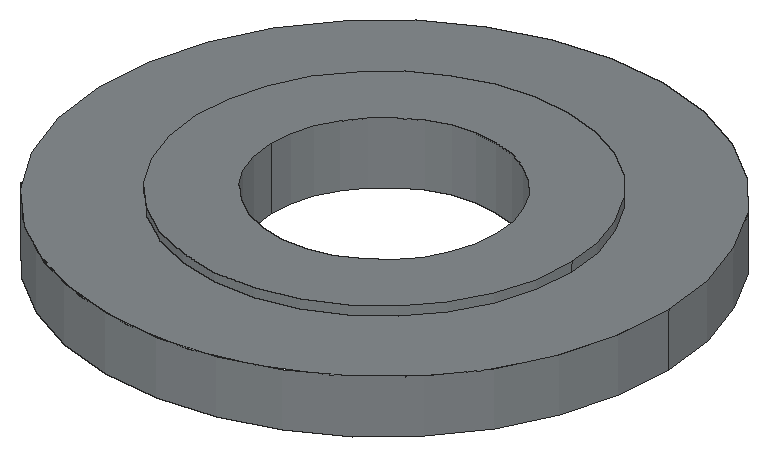
Revit family "FoFo_Junta_Flange", category Pipe Accessories, Revit 2025
Family settings
  Round Connector Dimension = Use Diameter
  Part Type = Attaches To
  Work Plane-Based = Yes
  Always vertical = No
  Cut with Voids When Loaded = Yes
  Shared = Yes
Parameters (values of type "FLA_10_0080")
  PN = "10"
  Manufacturer = "SGC"
  Furo_V = Flange_RF * cos(Flange_MA)  # 73.91 mm
  Flange_RT = 0.5 * Flange_Diam_Tubo  # 49.0 mm
  Flange_RL = 0.5 * Flange_Diam_Livre  # 40.0 mm
  Flange_RG = 0.5 * Flange_Diam_Resalto  # 66.0 mm
  Flange_RF = 0.5 * Flange_Diam_Furacao  # 80.0 mm
  Flange_RD = 0.5 * Flange_Diam_Externo  # 100.0 mm
  Furo_Quant = 8
  Flange_MA = 0.5 * (360.00° / Furo_Quant)  # 22.50°
  Furo_H = Flange_RF * sin(Flange_MA)  # 30.615 mm
  Flange_Diam_Resalto = 132.0 mm
  Furo_Raio = 0.5 * Furo_Diam  # 8.0 mm
  Furo_Diam = 16.0 mm
  Flange_Diam_Livre = 80.0 mm
  Flange_Diam_Furacao = 160.0 mm
  Flange_Diam_Tubo = 98.0 mm
  Flange_Diam_Externo = 200.0 mm
  Flange_Resalto = 3.0 mm
  Flange_Altura = 19.0 mm
  Description = "Flange"
  Default Elevation = 0.0 mm
  DN = "80"
Reference planes
  plane 1 "Centro (Frente/Trás)": y = 0
  plane 2: z = 0
  plane 3 "Centro (Esquerda/Direita)": x = 0
  plane 4: z = -3
  plane 5: z = -22
Forms (mm)
  Extrusion 1, solid, material "FoFo"
    sketch origin (0, 0, 0) x (1, 0, 0) y (0, 1, 0)
      loop
        circle (0, 0) r 100
    from -22 to -3
  Extrusion 2, solid, material "FoFo"
    sketch origin (0, 0, 0) x (1, 0, 0) y (0, 1, 0)
      loop
        circle (0, 0) r 66
    from 0 to -3
  Extrusion 3, void
    sketch origin (0, 0, 0) x (1, 0, 0) y (0, 1, 0)
      loop
        circle (0, 0) r 40
    from 0 to -22
Cuts and joins
  Extrusion 3 cuts Extrusion 1
  Extrusion 3 cuts Extrusion 2
  joined: Extrusion 1, Extrusion 2
Lines and regions (mm)
  model lines
    curve 1: line (-40, 0, 0) -> (40, 0, 0)
    curve 2: line (0, 40, 0) -> (0, -40, 0)
Dimensions and locks
  "Flange_Resalto": plane 2 to plane 4
  "Flange_Altura": plane 4 to plane 5
  "Flange_RD": radius of Extrusion 1 sketch curve
  "Flange_RG": radius of Extrusion 2 sketch curve
  "Flange_RL": radius of Extrusion 3 sketch curve
  aligned and locked: plane 2 to level
  aligned and locked: Extrusion 1 to plane 5
  aligned and locked: Extrusion 1 to Extrusion 3
  aligned and locked: cut or joined group of Extrusion 1, Extrusion 2, Extrusion 3 to plane 4
  aligned and locked: plane 4 to cut or joined group of Extrusion 1, Extrusion 2, Extrusion 3
Automatic sketch dimensions
  plane 1 "Centro (Frente/Trás)" to curve 1 = 0.0 mm
  curve 1 to plane 3 "Centro (Esquerda/Direita)" = 40.0 mm
  plane 3 "Centro (Esquerda/Direita)" to curve 1 = 40.0 mm
  plane 1 "Centro (Frente/Trás)" to curve 2 = 40.0 mm
  curve 2 to plane 1 "Centro (Frente/Trás)" = 40.0 mm
  curve 2 to plane 3 "Centro (Esquerda/Direita)" = 0.0 mm
  plane 1 "Centro (Frente/Trás)" to Extrusion 1 sketch curve = 0.0 mm
  Extrusion 1 sketch curve to plane 3 "Centro (Esquerda/Direita)" = 0.0 mm
  plane 1 "Centro (Frente/Trás)" to Extrusion 2 sketch curve = 0.0 mm
  Extrusion 2 sketch curve to plane 3 "Centro (Esquerda/Direita)" = 0.0 mm
  plane 1 "Centro (Frente/Trás)" to Extrusion 3 sketch curve = 0.0 mm
  Extrusion 3 sketch curve to plane 3 "Centro (Esquerda/Direita)" = 0.0 mm
Types in the file's own list only (33): name | PN | Furo_V | Flange_RT | Flange_RL | Flange_RG | Flange_RF | Flange_RD | Furo_Quant | Flange_MA | Furo_H | Flange_Diam_Resalto | Furo_Raio | Furo_Diam | Flange_Diam_Livre | Flange_Diam_Furacao | Flange_Diam_Tubo | Flange_Diam_Externo | Flange_Resalto | Flange_Altura | DN
  FLA_10_0050 | "10" | 44.2 mm | 30.2 mm | 25.0 mm | 51.0 mm | 62.5 mm | 82.5 mm | 4 | 45.00° | 44.2 mm | 102.0 mm | 9.0 mm | 18.0 mm | 50.0 mm | 125.0 mm | 60.3 mm | 165.0 mm | 3.0 mm | 19.0 mm | "50"
  FLA_10_0100 | "10" | 83.1 mm | 59.0 mm | 50.0 mm | 78.0 mm | 90.0 mm | 110.0 mm | 8 | 22.50° | 34.4 mm | 156.0 mm | 8.0 mm | 16.0 mm | 100.0 mm | 180.0 mm | 118.0 mm | 220.0 mm | 3.0 mm | 19.0 mm | "100"
  FLA_10_0150 | "10" | 110.9 mm | 85.0 mm | 75.0 mm | 105.5 mm | 120.0 mm | 142.5 mm | 8 | 22.50° | 45.9 mm | 211.0 mm | 10.0 mm | 20.0 mm | 150.0 mm | 240.0 mm | 170.0 mm | 285.0 mm | 3.0 mm | 23.0 mm | "150"
  FLA_10_0200 | "10" | 136.3 mm | 111.0 mm | 100.0 mm | 133.0 mm | 147.5 mm | 170.0 mm | 8 | 22.50° | 56.4 mm | 266.0 mm | 10.0 mm | 20.0 mm | 200.0 mm | 295.0 mm | 222.0 mm | 340.0 mm | 3.0 mm | 23.0 mm | "200"
  FLA_10_0250 | "10" | 169.0 mm | 137.0 mm | 125.0 mm | 159.5 mm | 175.0 mm | 200.0 mm | 12 | 15.00° | 45.3 mm | 319.0 mm | 10.0 mm | 20.0 mm | 250.0 mm | 350.0 mm | 274.0 mm | 400.0 mm | 3.0 mm | 23.0 mm | "250"
  FLA_10_0300 | "10" | 193.2 mm | 163.0 mm | 150.0 mm | 185.0 mm | 200.0 mm | 227.5 mm | 12 | 15.00° | 51.8 mm | 370.0 mm | 10.0 mm | 20.0 mm | 300.0 mm | 400.0 mm | 326.0 mm | 455.0 mm | 4.0 mm | 23.0 mm | "300"
  FLA_10_0350 | "10" | 225.6 mm | 189.0 mm | 175.0 mm | 214.5 mm | 230.0 mm | 252.5 mm | 16 | 11.25° | 44.9 mm | 429.0 mm | 10.0 mm | 20.0 mm | 350.0 mm | 460.0 mm | 378.0 mm | 505.0 mm | 4.0 mm | 23.0 mm | "350"
  FLA_10_0400 | "10" | 252.6 mm | 214.5 mm | 200.0 mm | 240.0 mm | 257.5 mm | 282.5 mm | 16 | 11.25° | 50.2 mm | 480.0 mm | 12.0 mm | 24.0 mm | 400.0 mm | 515.0 mm | 429.0 mm | 565.0 mm | 4.0 mm | 28.0 mm | "400"
  FLA_10_0450 | "10" | 279.0 mm | 240.0 mm | 225.0 mm | 265.0 mm | 282.5 mm | 307.5 mm | 20 | 9.00° | 44.2 mm | 530.0 mm | 12.0 mm | 24.0 mm | 450.0 mm | 565.0 mm | 480.0 mm | 615.0 mm | 4.0 mm | 28.0 mm | "450"
  FLA_10_0500 | "10" | 306.2 mm | 266.0 mm | 250.0 mm | 291.0 mm | 310.0 mm | 335.0 mm | 20 | 9.00° | 48.5 mm | 582.0 mm | 12.0 mm | 24.0 mm | 500.0 mm | 620.0 mm | 532.0 mm | 670.0 mm | 4.0 mm | 28.0 mm | "500"
  FLA_10_0600 | "10" | 358.0 mm | 317.5 mm | 300.0 mm | 341.0 mm | 362.5 mm | 390.0 mm | 20 | 9.00° | 56.7 mm | 682.0 mm | 13.5 mm | 27.0 mm | 600.0 mm | 725.0 mm | 635.0 mm | 780.0 mm | 5.0 mm | 31.0 mm | "600"
  FLA_10_0700 | "10" | 416.4 mm | 369.0 mm | 350.0 mm | 397.0 mm | 420.0 mm | 447.5 mm | 24 | 7.50° | 54.8 mm | 794.0 mm | 13.5 mm | 27.0 mm | 700.0 mm | 840.0 mm | 738.0 mm | 895.0 mm | 5.0 mm | 31.0 mm | "700"
  FLA_10_0800 | "10" | 470.9 mm | 421.0 mm | 400.0 mm | 450.5 mm | 475.0 mm | 507.5 mm | 24 | 7.50° | 62.0 mm | 901.0 mm | 15.0 mm | 30.0 mm | 800.0 mm | 950.0 mm | 842.0 mm | 1015.0 mm | 5.0 mm | 34.0 mm | "800"
  FLA_10_0900 | "10" | 521.7 mm | 472.5 mm | 450.0 mm | 500.5 mm | 525.0 mm | 557.5 mm | 28 | 6.43° | 58.8 mm | 1001.0 mm | 15.0 mm | 30.0 mm | 900.0 mm | 1050.0 mm | 945.0 mm | 1115.0 mm | 5.0 mm | 34.0 mm | "900"
  FLA_10_1000 | "10" | 576.4 mm | 524.0 mm | 500.0 mm | 556.0 mm | 580.0 mm | 615.0 mm | 28 | 6.43° | 64.9 mm | 1112.0 mm | 16.5 mm | 33.0 mm | 1000.0 mm | 1160.0 mm | 1048.0 mm | 1230.0 mm | 5.0 mm | 37.0 mm | "1000"
  FLA_10_1200 | "10" | 686.7 mm | 627.5 mm | 600.0 mm | 664.0 mm | 690.0 mm | 727.5 mm | 32 | 5.63° | 67.6 mm | 1328.0 mm | 18.0 mm | 36.0 mm | 1200.0 mm | 1380.0 mm | 1255.0 mm | 1455.0 mm | 5.0 mm | 40.0 mm | "1200"
  FLA_16_0050 | "16" | 44.2 mm | 30.2 mm | 25.0 mm | 51.0 mm | 62.5 mm | 82.5 mm | 4 | 45.00° | 44.2 mm | 102.0 mm | 9.0 mm | 18.0 mm | 50.0 mm | 125.0 mm | 60.3 mm | 165.0 mm | 3.0 mm | 19.0 mm | "50"
  FLA_16_0080 | "16" | 73.9 mm | 49.0 mm | 40.0 mm | 66.0 mm | 80.0 mm | 100.0 mm | 8 | 22.50° | 30.6 mm | 132.0 mm | 8.0 mm | 16.0 mm | 80.0 mm | 160.0 mm | 98.0 mm | 200.0 mm | 3.0 mm | 19.0 mm | "80"
  FLA_16_0100 | "16" | 87.8 mm | 59.0 mm | 50.0 mm | 78.0 mm | 95.0 mm | 117.5 mm | 8 | 22.50° | 36.4 mm | 156.0 mm | 9.5 mm | 19.0 mm | 100.0 mm | 190.0 mm | 118.0 mm | 235.0 mm | 3.0 mm | 23.0 mm | "100"
  FLA_16_0150 | "16" | 115.5 mm | 85.0 mm | 75.0 mm | 105.5 mm | 125.0 mm | 150.0 mm | 8 | 22.50° | 47.8 mm | 211.0 mm | 12.0 mm | 24.0 mm | 150.0 mm | 250.0 mm | 170.0 mm | 300.0 mm | 3.0 mm | 23.0 mm | "150"
  FLA_16_0200 | "16" | 149.7 mm | 111.0 mm | 100.0 mm | 137.0 mm | 155.0 mm | 180.0 mm | 12 | 15.00° | 40.1 mm | 274.0 mm | 12.0 mm | 24.0 mm | 200.0 mm | 310.0 mm | 222.0 mm | 360.0 mm | 3.0 mm | 23.0 mm | "200"
  FLA_16_0250 | "16" | 178.7 mm | 137.0 mm | 125.0 mm | 165.0 mm | 185.0 mm | 212.5 mm | 12 | 15.00° | 47.9 mm | 330.0 mm | 13.5 mm | 27.0 mm | 250.0 mm | 370.0 mm | 274.0 mm | 425.0 mm | 3.0 mm | 31.0 mm | "250"
  FLA_16_0300 | "16" | 210.9 mm | 163.0 mm | 150.0 mm | 194.5 mm | 215.0 mm | 242.5 mm | 16 | 11.25° | 41.9 mm | 389.0 mm | 13.5 mm | 27.0 mm | 300.0 mm | 430.0 mm | 326.0 mm | 485.0 mm | 4.0 mm | 31.0 mm | "300"
  FLA_16_0350 | "16" | 240.3 mm | 189.0 mm | 175.0 mm | 224.0 mm | 245.0 mm | 277.5 mm | 16 | 11.25° | 47.8 mm | 448.0 mm | 15.0 mm | 30.0 mm | 350.0 mm | 490.0 mm | 378.0 mm | 555.0 mm | 4.0 mm | 34.0 mm | "350"
  FLA_16_0400 | "16" | 269.7 mm | 214.5 mm | 200.0 mm | 251.5 mm | 275.0 mm | 310.0 mm | 16 | 11.25° | 53.6 mm | 503.0 mm | 16.5 mm | 33.0 mm | 400.0 mm | 550.0 mm | 429.0 mm | 620.0 mm | 4.0 mm | 37.0 mm | "400"
  FLA_16_0450 | "16" | 296.3 mm | 240.0 mm | 225.0 mm | 274.0 mm | 300.0 mm | 335.0 mm | 20 | 9.00° | 46.9 mm | 548.0 mm | 16.5 mm | 33.0 mm | 450.0 mm | 600.0 mm | 480.0 mm | 670.0 mm | 4.0 mm | 37.0 mm | "450"
  FLA_16_0500 | "16" | 325.9 mm | 266.0 mm | 250.0 mm | 304.5 mm | 330.0 mm | 365.0 mm | 20 | 9.00° | 51.6 mm | 609.0 mm | 16.5 mm | 33.0 mm | 500.0 mm | 660.0 mm | 532.0 mm | 730.0 mm | 4.0 mm | 37.0 mm | "500"
  FLA_16_0600 | "16" | 380.3 mm | 317.5 mm | 300.0 mm | 360.0 mm | 385.0 mm | 422.5 mm | 20 | 9.00° | 60.2 mm | 720.0 mm | 18.0 mm | 36.0 mm | 600.0 mm | 770.0 mm | 635.0 mm | 845.0 mm | 5.0 mm | 40.0 mm | "600"
  FLA_16_0700 | "16" | 433.8 mm | 369.0 mm | 350.0 mm | 410.0 mm | 437.5 mm | 480.0 mm | 24 | 7.50° | 57.1 mm | 820.0 mm | 19.5 mm | 39.0 mm | 700.0 mm | 875.0 mm | 738.0 mm | 960.0 mm | 5.0 mm | 43.0 mm | "700"
  FLA_16_0800 | "16" | 490.8 mm | 421.0 mm | 400.0 mm | 464.0 mm | 495.0 mm | 542.5 mm | 24 | 7.50° | 64.6 mm | 928.0 mm | 22.5 mm | 45.0 mm | 800.0 mm | 990.0 mm | 842.0 mm | 1085.0 mm | 5.0 mm | 49.0 mm | "800"
  FLA_16_0900 | "16" | 541.6 mm | 472.5 mm | 450.0 mm | 514.0 mm | 545.0 mm | 592.5 mm | 28 | 6.43° | 61.0 mm | 1028.0 mm | 22.5 mm | 45.0 mm | 900.0 mm | 1090.0 mm | 945.0 mm | 1185.0 mm | 5.0 mm | 49.0 mm | "900"
  FLA_16_1000 | "16" | 601.2 mm | 524.0 mm | 500.0 mm | 570.0 mm | 605.0 mm | 660.0 mm | 28 | 6.43° | 67.7 mm | 1140.0 mm | 26.0 mm | 52.0 mm | 1000.0 mm | 1210.0 mm | 1048.0 mm | 1320.0 mm | 5.0 mm | 56.0 mm | "1000"
  FLA_16_1200 | "16" | 706.6 mm | 627.5 mm | 600.0 mm | 675.0 mm | 710.0 mm | 765.0 mm | 32 | 5.63° | 69.6 mm | 1350.0 mm | 26.0 mm | 52.0 mm | 1200.0 mm | 1420.0 mm | 1255.0 mm | 1530.0 mm | 5.0 mm | 56.0 mm | "1200"
